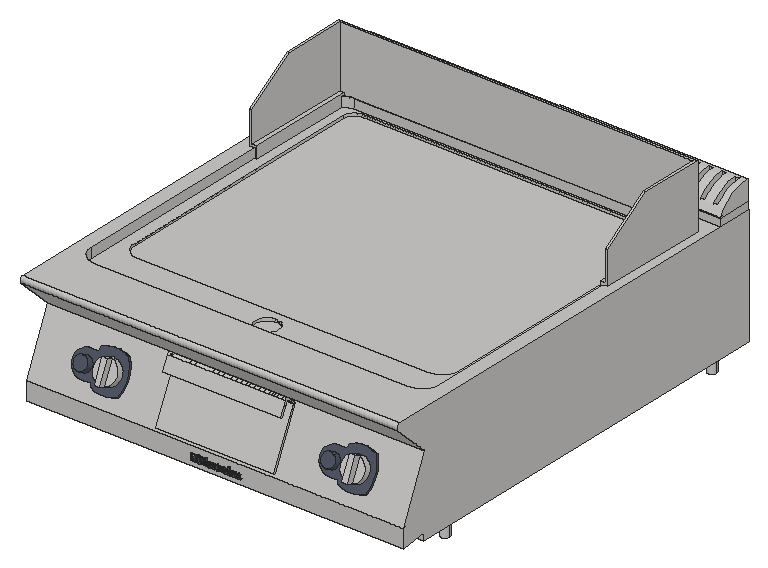
Revit family "QF_ELECTROLUXPROFESSIONAL_391591_E9IIMTAOMEI", category Attrezzature speciali, Revit 2018 (continued)
Automatic sketch dimensions
  plane 1 "BACK" to Extrusion 35 sketch curve = 6.761 mm
  Extrusion 35 sketch curve to plane 4 "RIGHT" = 106.689 mm
  Extrusion 35 sketch curve to Extrusion 35 sketch curve = 9.296 mm
  Extrusion 35 sketch curve to plane 11 = 19.089 mm
  plane 1 "BACK" to Extrusion 36 sketch curve = 6.761 mm
  Extrusion 36 sketch curve to plane 4 "RIGHT" = 134.677 mm
  Extrusion 36 sketch curve to Extrusion 36 sketch curve = 9.296 mm
  Extrusion 36 sketch curve to plane 11 = 19.089 mm
  plane 1 "BACK" to Extrusion 37 sketch curve = 6.761 mm
  Extrusion 37 sketch curve to plane 4 "RIGHT" = 162.665 mm
  Extrusion 37 sketch curve to Extrusion 37 sketch curve = 9.296 mm
  Extrusion 37 sketch curve to plane 11 = 19.089 mm
  plane 1 "BACK" to Extrusion 38 sketch curve = 6.761 mm
  Extrusion 38 sketch curve to plane 4 "RIGHT" = 190.654 mm
  Extrusion 38 sketch curve to Extrusion 38 sketch curve = 9.296 mm
  Extrusion 38 sketch curve to plane 11 = 19.089 mm
  plane 1 "BACK" to Extrusion 39 sketch curve = 6.761 mm
  plane 7 "Center Y" to Extrusion 39 sketch curve = 69.43 mm
  Extrusion 39 sketch curve to Extrusion 39 sketch curve = 9.296 mm
  Extrusion 39 sketch curve to plane 11 = 19.089 mm
  plane 1 "BACK" to Extrusion 40 sketch curve = 6.761 mm
  plane 7 "Center Y" to Extrusion 40 sketch curve = 41.441 mm
  Extrusion 40 sketch curve to Extrusion 40 sketch curve = 9.296 mm
  Extrusion 40 sketch curve to plane 11 = 19.089 mm
  plane 1 "BACK" to Extrusion 41 sketch curve = 6.761 mm
  plane 7 "Center Y" to Extrusion 41 sketch curve = 149.263 mm
  Extrusion 41 sketch curve to Extrusion 41 sketch curve = 9.296 mm
  Extrusion 41 sketch curve to plane 11 = 19.089 mm
  plane 1 "BACK" to Extrusion 42 sketch curve = 6.761 mm
  plane 7 "Center Y" to Extrusion 42 sketch curve = 121.275 mm
  Extrusion 42 sketch curve to Extrusion 42 sketch curve = 9.296 mm
  Extrusion 42 sketch curve to plane 11 = 19.089 mm
  plane 1 "BACK" to Extrusion 43 sketch curve = 6.761 mm
  plane 7 "Center Y" to Extrusion 43 sketch curve = 93.311 mm
  Extrusion 43 sketch curve to Extrusion 43 sketch curve = 9.296 mm
  Extrusion 43 sketch curve to plane 11 = 19.089 mm
  plane 1 "BACK" to Extrusion 44 sketch curve = 6.761 mm
  plane 7 "Center Y" to Extrusion 44 sketch curve = 177.251 mm
  Extrusion 44 sketch curve to Extrusion 44 sketch curve = 9.296 mm
  Extrusion 44 sketch curve to plane 11 = 19.089 mm
  Split face 1 sketch curve to Split face 1 sketch curve = 11.575 mm
  Split face 1 sketch curve to Split face 1 sketch curve = 2 mm
  Extrusion 6 sketch curve to Extrusion 6 sketch curve = 0 mm  (x2)
  Extrusion 6 sketch curve to plane 5 "FRONT" = 16.526 mm
  Extrusion 6 sketch curve to Extrusion 6 sketch curve = 2.36 mm
  Extrusion 6 sketch curve to plane 5 "FRONT" = 33.929 mm
  Extrusion 6 sketch curve to Extrusion 6 sketch curve = 2.884 mm  (x2)
  Extrusion 6 sketch curve to Extrusion 6 sketch curve = 12.662 mm
  Extrusion 6 sketch curve to Extrusion 6 sketch curve = 1.711 mm
  Extrusion 6 sketch curve to Extrusion 6 sketch curve = 1.332 mm
  Extrusion 6 sketch curve to Extrusion 6 sketch curve = 2.245 mm
  Extrusion 6 sketch curve to Extrusion 6 sketch curve = 14.843 mm
  Extrusion 6 sketch curve to Extrusion 6 sketch curve = 3.49 mm
  plane 9 "BASE" to Extrusion 6 sketch curve = 52.346 mm
  Extrusion 6 sketch curve to Extrusion 6 sketch curve = 1.086 mm
  Extrusion 6 sketch curve to Extrusion 6 sketch curve = 13.211 mm
  Extrusion 6 sketch curve to Extrusion 6 sketch curve = 1.327 mm
  Extrusion 6 sketch curve to Extrusion 6 sketch curve = 0.787 mm
  Extrusion 5 sketch curve to Extrusion 2 = 5.523 mm
  Extrusion 5 sketch curve to Extrusion 2 = 10.564 mm
  Extrusion 5 sketch curve to Extrusion 2 = 10.583 mm
  Extrusion 5 sketch curve to Extrusion 5 sketch curve = 0 mm  (x28)
  Extrusion 5 sketch curve to Extrusion 5 sketch curve = 5.108 mm  (x2)
  Extrusion 5 sketch curve to Extrusion 2 = 10.685 mm
  Extrusion 5 sketch curve to Extrusion 5 sketch curve = 0.218 mm
  Extrusion 5 sketch curve to Extrusion 5 sketch curve = 0.195 mm
  Extrusion 5 sketch curve to Extrusion 5 sketch curve = 0.249 mm
  Extrusion 5 sketch curve to Extrusion 2 = 10.88 mm
  Extrusion 5 sketch curve to Extrusion 5 sketch curve = 0.087 mm
  Extrusion 5 sketch curve to Extrusion 5 sketch curve = 0.358 mm
  Extrusion 5 sketch curve to Extrusion 5 sketch curve = 0.481 mm
  Extrusion 5 sketch curve to Extrusion 5 sketch curve = 0.597 mm
  Extrusion 5 sketch curve to Extrusion 5 sketch curve = 0.544 mm
  Extrusion 5 sketch curve to Extrusion 5 sketch curve = 0.936 mm
  Extrusion 5 sketch curve to Extrusion 5 sketch curve = 0.594 mm
  Extrusion 5 sketch curve to Extrusion 5 sketch curve = 0.343 mm
  Extrusion 5 sketch curve to Extrusion 5 sketch curve = 0.159 mm
  Extrusion 5 sketch curve to Extrusion 5 sketch curve = 0.826 mm
  Extrusion 5 sketch curve to Extrusion 5 sketch curve = 0.839 mm
  Extrusion 5 sketch curve to Extrusion 5 sketch curve = 0.852 mm
  Extrusion 5 sketch curve to Extrusion 5 sketch curve = 0.887 mm
  Extrusion 5 sketch curve to Extrusion 5 sketch curve = 0.928 mm
  Extrusion 5 sketch curve to Extrusion 5 sketch curve = 0.938 mm
  Extrusion 5 sketch curve to Extrusion 5 sketch curve = 0.444 mm
  Extrusion 5 sketch curve to Extrusion 5 sketch curve = 1.11 mm  (x3)
  Extrusion 5 sketch curve to Extrusion 5 sketch curve = 0.215 mm
  Extrusion 5 sketch curve to Extrusion 5 sketch curve = 1.43 mm
  Extrusion 5 sketch curve to Extrusion 5 sketch curve = 1.188 mm
  Extrusion 5 sketch curve to Extrusion 5 sketch curve = 1.21 mm  (x2)
  Extrusion 5 sketch curve to Extrusion 5 sketch curve = 0.503 mm
  Extrusion 5 sketch curve to Extrusion 5 sketch curve = 0.488 mm
  Extrusion 5 sketch curve to Extrusion 5 sketch curve = 0.462 mm
  Extrusion 5 sketch curve to Extrusion 5 sketch curve = 1.386 mm
  Extrusion 5 sketch curve to Extrusion 5 sketch curve = 1.742 mm  (x2)
  Extrusion 5 sketch curve to Extrusion 5 sketch curve = 0.821 mm
  Extrusion 5 sketch curve to Extrusion 5 sketch curve = 0.497 mm
  Extrusion 5 sketch curve to Extrusion 5 sketch curve = 0.539 mm
  Extrusion 5 sketch curve to Extrusion 5 sketch curve = 0.686 mm
  Extrusion 5 sketch curve to Extrusion 5 sketch curve = 0.408 mm
  Extrusion 5 sketch curve to Extrusion 5 sketch curve = 0.743 mm
  Extrusion 5 sketch curve to Extrusion 5 sketch curve = 1.16 mm
  Extrusion 5 sketch curve to Extrusion 5 sketch curve = 0.329 mm
  Extrusion 5 sketch curve to Extrusion 5 sketch curve = 1.054 mm
  Extrusion 5 sketch curve to Extrusion 5 sketch curve = 1.056 mm
  Extrusion 5 sketch curve to Extrusion 5 sketch curve = 0.129 mm
  Extrusion 5 sketch curve to Extrusion 5 sketch curve = 0.489 mm
  Extrusion 5 sketch curve to Extrusion 5 sketch curve = 0.441 mm
  Extrusion 5 sketch curve to Extrusion 5 sketch curve = 1.151 mm
  Extrusion 5 sketch curve to Extrusion 5 sketch curve = 1.141 mm  (x2)
  Extrusion 5 sketch curve to Extrusion 5 sketch curve = 0.768 mm
  Extrusion 5 sketch curve to Extrusion 5 sketch curve = 1.653 mm
  Extrusion 5 sketch curve to Extrusion 5 sketch curve = 0.499 mm
  Extrusion 5 sketch curve to Extrusion 5 sketch curve = 0.964 mm
  Extrusion 5 sketch curve to Extrusion 5 sketch curve = 0.949 mm
  Extrusion 5 sketch curve to Extrusion 5 sketch curve = 1.345 mm  (x3)
  Extrusion 5 sketch curve to Extrusion 5 sketch curve = 1.101 mm
  Extrusion 5 sketch curve to Extrusion 5 sketch curve = 0.432 mm
  Extrusion 5 sketch curve to Extrusion 5 sketch curve = 1.142 mm
  Extrusion 5 sketch curve to Extrusion 5 sketch curve = 0.959 mm
  Extrusion 5 sketch curve to Extrusion 5 sketch curve = 0.176 mm
  Extrusion 5 sketch curve to Extrusion 5 sketch curve = 0.728 mm
  Extrusion 5 sketch curve to Extrusion 5 sketch curve = 3.375 mm  (x2)
  Extrusion 5 sketch curve to Extrusion 5 sketch curve = 1.905 mm
  Extrusion 5 sketch curve to Extrusion 5 sketch curve = 0.955 mm
  Extrusion 5 sketch curve to Extrusion 5 sketch curve = 1.251 mm
  Extrusion 5 sketch curve to Extrusion 5 sketch curve = 0.572 mm
  Extrusion 5 sketch curve to Extrusion 5 sketch curve = 1.92 mm
  Extrusion 5 sketch curve to Extrusion 5 sketch curve = 1.224 mm
  Extrusion 5 sketch curve to Extrusion 5 sketch curve = 0.745 mm
  Extrusion 5 sketch curve to Extrusion 5 sketch curve = 2.537 mm
  Extrusion 5 sketch curve to Extrusion 5 sketch curve = 0.896 mm  (x3)
  Extrusion 5 sketch curve to Extrusion 5 sketch curve = 0.036 mm
  Extrusion 5 sketch curve to Extrusion 5 sketch curve = 2.607 mm
  Extrusion 5 sketch curve to Extrusion 5 sketch curve = 0.066 mm
  Extrusion 5 sketch curve to Extrusion 5 sketch curve = 0.248 mm
  Extrusion 5 sketch curve to Extrusion 5 sketch curve = 0.449 mm
  Extrusion 5 sketch curve to Extrusion 5 sketch curve = 1.052 mm
  Extrusion 5 sketch curve to Extrusion 5 sketch curve = 1.863 mm
  Extrusion 5 sketch curve to Extrusion 5 sketch curve = 1.31 mm  (x2)
  Extrusion 5 sketch curve to Extrusion 5 sketch curve = 0.901 mm
  Extrusion 5 sketch curve to Extrusion 5 sketch curve = 1.107 mm
  Extrusion 5 sketch curve to Extrusion 5 sketch curve = 2.122 mm
  Extrusion 5 sketch curve to Extrusion 5 sketch curve = 2.101 mm
  Extrusion 5 sketch curve to Extrusion 5 sketch curve = 0.106 mm
  Extrusion 5 sketch curve to Extrusion 5 sketch curve = 0.029 mm
  Extrusion 5 sketch curve to Extrusion 5 sketch curve = 2.09 mm
  Extrusion 5 sketch curve to Extrusion 5 sketch curve = 1.279 mm
  Extrusion 5 sketch curve to Extrusion 5 sketch curve = 2.008 mm
  Extrusion 5 sketch curve to Extrusion 5 sketch curve = 0.738 mm
  Extrusion 5 sketch curve to Extrusion 5 sketch curve = 0.382 mm
  Extrusion 5 sketch curve to Extrusion 5 sketch curve = 0.384 mm
  Extrusion 5 sketch curve to Extrusion 5 sketch curve = 0.002 mm
  Extrusion 5 sketch curve to Extrusion 5 sketch curve = 0.561 mm
  Extrusion 5 sketch curve to Extrusion 5 sketch curve = 0.592 mm
  Extrusion 5 sketch curve to Extrusion 5 sketch curve = 2.692 mm
  Extrusion 5 sketch curve to Extrusion 5 sketch curve = 1.259 mm
  Extrusion 5 sketch curve to Extrusion 5 sketch curve = 0.802 mm
  Extrusion 5 sketch curve to Extrusion 5 sketch curve = 1.024 mm  (x2)
  Extrusion 5 sketch curve to Extrusion 5 sketch curve = 0.682 mm
  Extrusion 5 sketch curve to Extrusion 5 sketch curve = 5.934 mm
  Extrusion 5 sketch curve to Extrusion 5 sketch curve = 2.186 mm
  Extrusion 5 sketch curve to Extrusion 5 sketch curve = 0.337 mm
  Extrusion 5 sketch curve to Extrusion 5 sketch curve = 0.021 mm
  Extrusion 5 sketch curve to Extrusion 5 sketch curve = 1.005 mm
  Extrusion 5 sketch curve to Extrusion 5 sketch curve = 0.552 mm
  Extrusion 5 sketch curve to Extrusion 5 sketch curve = 0.778 mm
  Extrusion 5 sketch curve to Extrusion 5 sketch curve = 0.063 mm
  Extrusion 5 sketch curve to Extrusion 5 sketch curve = 1.023 mm
  Extrusion 5 sketch curve to Extrusion 5 sketch curve = 3.804 mm
  Extrusion 5 sketch curve to Extrusion 5 sketch curve = 0.486 mm
  Extrusion 5 sketch curve to Extrusion 5 sketch curve = 0.266 mm
  Extrusion 5 sketch curve to Extrusion 5 sketch curve = 1.547 mm
  Extrusion 5 sketch curve to Extrusion 5 sketch curve = 0.717 mm  (x2)
  Extrusion 5 sketch curve to Extrusion 5 sketch curve = 1.667 mm
  Extrusion 5 sketch curve to Extrusion 5 sketch curve = 3.174 mm
  Extrusion 5 sketch curve to Extrusion 5 sketch curve = 0.388 mm
  Extrusion 5 sketch curve to Extrusion 5 sketch curve = 1.342 mm
  Extrusion 5 sketch curve to Extrusion 5 sketch curve = 1.521 mm
  Extrusion 5 sketch curve to Extrusion 5 sketch curve = 0.124 mm
  Extrusion 5 sketch curve to Extrusion 5 sketch curve = 0.291 mm
  Extrusion 5 sketch curve to Extrusion 5 sketch curve = 1.049 mm  (x2)
  Extrusion 5 sketch curve to Extrusion 5 sketch curve = 1.7 mm
  Extrusion 5 sketch curve to Extrusion 5 sketch curve = 0.894 mm
  Extrusion 5 sketch curve to Extrusion 5 sketch curve = 0.989 mm
  Extrusion 5 sketch curve to Extrusion 5 sketch curve = 1.168 mm
  Extrusion 5 sketch curve to Extrusion 5 sketch curve = 1.594 mm
  Extrusion 5 sketch curve to Extrusion 5 sketch curve = 0.731 mm
  Extrusion 5 sketch curve to Extrusion 5 sketch curve = 1.566 mm
  Extrusion 5 sketch curve to Extrusion 5 sketch curve = 0.064 mm
  Extrusion 5 sketch curve to Extrusion 5 sketch curve = 0.556 mm  (x2)
  Extrusion 5 sketch curve to Extrusion 5 sketch curve = 0.48 mm
  Extrusion 5 sketch curve to Extrusion 5 sketch curve = 1.018 mm
  Extrusion 5 sketch curve to Extrusion 5 sketch curve = 0.787 mm
  Extrusion 5 sketch curve to Extrusion 5 sketch curve = 0.618 mm
  Extrusion 5 sketch curve to Extrusion 5 sketch curve = 1.672 mm
  Extrusion 5 sketch curve to Extrusion 5 sketch curve = 1.361 mm
  Extrusion 5 sketch curve to Extrusion 5 sketch curve = 0.822 mm
  Extrusion 5 sketch curve to Extrusion 5 sketch curve = 0.069 mm
  Extrusion 5 sketch curve to Extrusion 5 sketch curve = 1.88 mm
  Extrusion 5 sketch curve to Extrusion 5 sketch curve = 0.42 mm
  Extrusion 5 sketch curve to Extrusion 5 sketch curve = 0.062 mm
  Extrusion 5 sketch curve to Extrusion 5 sketch curve = 1.355 mm
  Extrusion 5 sketch curve to Extrusion 5 sketch curve = 2.34 mm
  Extrusion 5 sketch curve to Extrusion 5 sketch curve = 0.493 mm
  Extrusion 5 sketch curve to Extrusion 5 sketch curve = 0.136 mm
  Extrusion 5 sketch curve to Extrusion 5 sketch curve = 0.128 mm
  Extrusion 5 sketch curve to Extrusion 5 sketch curve = 3.616 mm
  Extrusion 5 sketch curve to Extrusion 5 sketch curve = 4.207 mm
  Extrusion 5 sketch curve to Extrusion 5 sketch curve = 0.183 mm
  Extrusion 5 sketch curve to Extrusion 5 sketch curve = 0.895 mm
  Extrusion 5 sketch curve to Extrusion 5 sketch curve = 1.314 mm
  Extrusion 5 sketch curve to Extrusion 5 sketch curve = 3.231 mm
  Extrusion 5 sketch curve to Extrusion 5 sketch curve = 1.299 mm
  Extrusion 5 sketch curve to Extrusion 5 sketch curve = 1.214 mm
  Extrusion 5 sketch curve to Extrusion 5 sketch curve = 1.264 mm
  Extrusion 5 sketch curve to Extrusion 5 sketch curve = 0.109 mm
  Extrusion 5 sketch curve to Extrusion 5 sketch curve = 0.357 mm
  Extrusion 5 sketch curve to Extrusion 5 sketch curve = 0.565 mm
  Extrusion 5 sketch curve to Extrusion 5 sketch curve = 2.504 mm
  Extrusion 5 sketch curve to Extrusion 5 sketch curve = 2.459 mm
  Extrusion 2 to Extrusion 5 sketch curve = 344.257 mm
  Extrusion 5 sketch curve to Extrusion 5 sketch curve = 0.208 mm
  Extrusion 5 sketch curve to Extrusion 5 sketch curve = 0.468 mm  (x2)
  Extrusion 5 sketch curve to Extrusion 5 sketch curve = 1.559 mm
  Extrusion 5 sketch curve to Extrusion 5 sketch curve = 0.422 mm  (x2)
  Extrusion 5 sketch curve to Extrusion 5 sketch curve = 0.494 mm
  Extrusion 5 sketch curve to Extrusion 5 sketch curve = 3.927 mm
  Extrusion 5 sketch curve to Extrusion 5 sketch curve = 0.782 mm
  Extrusion 5 sketch curve to Extrusion 5 sketch curve = 1.268 mm
  Extrusion 5 sketch curve to Extrusion 5 sketch curve = 0.671 mm
  Extrusion 5 sketch curve to Extrusion 5 sketch curve = 0.777 mm
  Extrusion 5 sketch curve to Extrusion 5 sketch curve = 0.704 mm
  Extrusion 5 sketch curve to Extrusion 5 sketch curve = 0.781 mm  (x2)
  Extrusion 5 sketch curve to Extrusion 5 sketch curve = 1.634 mm
  Extrusion 5 sketch curve to Extrusion 5 sketch curve = 0.132 mm
  Extrusion 5 sketch curve to Extrusion 5 sketch curve = 3.136 mm
  Extrusion 5 sketch curve to Extrusion 5 sketch curve = 2.422 mm
  Extrusion 5 sketch curve to Extrusion 5 sketch curve = 0.586 mm
  Extrusion 5 sketch curve to Extrusion 5 sketch curve = 2.046 mm  (x2)
  Extrusion 5 sketch curve to Extrusion 5 sketch curve = 1.241 mm
  Extrusion 5 sketch curve to Extrusion 5 sketch curve = 1.689 mm
  Extrusion 5 sketch curve to Extrusion 5 sketch curve = 2.859 mm
  Extrusion 5 sketch curve to Extrusion 5 sketch curve = 0.627 mm
  Extrusion 5 sketch curve to Extrusion 5 sketch curve = 0.863 mm
  Extrusion 5 sketch curve to Extrusion 5 sketch curve = 0.419 mm
  Extrusion 5 sketch curve to Extrusion 5 sketch curve = 1.514 mm
  Extrusion 5 sketch curve to Extrusion 5 sketch curve = 1.019 mm
  Extrusion 5 sketch curve to Extrusion 5 sketch curve = 0.065 mm
  Extrusion 5 sketch curve to Extrusion 5 sketch curve = 1.215 mm
  Extrusion 5 sketch curve to Extrusion 5 sketch curve = 2.708 mm
  Extrusion 5 sketch curve to Extrusion 5 sketch curve = 1.122 mm
  Extrusion 5 sketch curve to Extrusion 5 sketch curve = 1.153 mm
  Extrusion 5 sketch curve to Extrusion 5 sketch curve = 3.009 mm
  Extrusion 5 sketch curve to Extrusion 5 sketch curve = 0.829 mm  (x2)
  Extrusion 5 sketch curve to Extrusion 5 sketch curve = 0.934 mm
  Extrusion 5 sketch curve to Extrusion 5 sketch curve = 3.376 mm
  Extrusion 5 sketch curve to Extrusion 5 sketch curve = 0.222 mm
  Extrusion 5 sketch curve to Extrusion 5 sketch curve = 1.383 mm
  Extrusion 5 sketch curve to Extrusion 5 sketch curve = 1.556 mm
  Extrusion 5 sketch curve to Extrusion 5 sketch curve = 2.559 mm
  Extrusion 5 sketch curve to Extrusion 5 sketch curve = 2.51 mm
  Extrusion 5 sketch curve to Extrusion 5 sketch curve = 0.131 mm
  Extrusion 5 sketch curve to Extrusion 5 sketch curve = 1.717 mm
  Extrusion 5 sketch curve to Extrusion 5 sketch curve = 1.134 mm
  Extrusion 5 sketch curve to Extrusion 5 sketch curve = 0.366 mm
  Extrusion 5 sketch curve to Extrusion 5 sketch curve = 0.094 mm
  Extrusion 5 sketch curve to Extrusion 5 sketch curve = 1.584 mm
  Extrusion 5 sketch curve to Extrusion 5 sketch curve = 1.501 mm
  Extrusion 5 sketch curve to Extrusion 5 sketch curve = 0.27 mm
  Extrusion 5 sketch curve to Extrusion 5 sketch curve = 1.808 mm
  Extrusion 5 sketch curve to Extrusion 5 sketch curve = 0.643 mm
  Extrusion 5 sketch curve to Extrusion 5 sketch curve = 0.916 mm
  Extrusion 5 sketch curve to Extrusion 5 sketch curve = 0.352 mm
  Extrusion 5 sketch curve to Extrusion 5 sketch curve = 0.458 mm
  Extrusion 5 sketch curve to Extrusion 5 sketch curve = 1.282 mm
  Extrusion 5 sketch curve to Extrusion 5 sketch curve = 1.363 mm
  Extrusion 5 sketch curve to Extrusion 5 sketch curve = 0.685 mm
  Extrusion 5 sketch curve to Extrusion 5 sketch curve = 0.905 mm
  Extrusion 5 sketch curve to Extrusion 5 sketch curve = 2.865 mm
  Extrusion 5 sketch curve to Extrusion 5 sketch curve = 0.472 mm
  Extrusion 5 sketch curve to Extrusion 5 sketch curve = 0.101 mm
  Extrusion 5 sketch curve to Extrusion 5 sketch curve = 0.54 mm
  Extrusion 5 sketch curve to Extrusion 5 sketch curve = 0.02 mm
  Extrusion 5 sketch curve to Extrusion 5 sketch curve = 0.582 mm
  Extrusion 5 sketch curve to Extrusion 5 sketch curve = 0.166 mm
  Extrusion 5 sketch curve to Extrusion 5 sketch curve = 0.16 mm
  Extrusion 5 sketch curve to Extrusion 5 sketch curve = 2.781 mm
  Extrusion 5 sketch curve to Extrusion 5 sketch curve = 1.118 mm
  Extrusion 5 sketch curve to Extrusion 5 sketch curve = 0.613 mm
  Extrusion 5 sketch curve to Extrusion 5 sketch curve = 0.361 mm
  Extrusion 5 sketch curve to Extrusion 5 sketch curve = 0.897 mm
  Extrusion 5 sketch curve to Extrusion 5 sketch curve = 0.167 mm
  Extrusion 5 sketch curve to Extrusion 5 sketch curve = 0.292 mm
  Extrusion 5 sketch curve to Extrusion 5 sketch curve = 0.305 mm
  Extrusion 5 sketch curve to Extrusion 5 sketch curve = 1.557 mm
  Extrusion 5 sketch curve to Extrusion 5 sketch curve = 2.499 mm
  Extrusion 5 sketch curve to Extrusion 5 sketch curve = 3.062 mm
  Extrusion 5 sketch curve to Extrusion 5 sketch curve = 2.968 mm
  Extrusion 5 sketch curve to Extrusion 5 sketch curve = 5.044 mm
  Extrusion 5 sketch curve to Extrusion 5 sketch curve = 0.629 mm  (x2)
  Extrusion 5 sketch curve to Extrusion 5 sketch curve = 1.131 mm
  Extrusion 5 sketch curve to Extrusion 5 sketch curve = 0.137 mm
  Extrusion 5 sketch curve to Extrusion 5 sketch curve = 0.027 mm
  Extrusion 5 sketch curve to Extrusion 5 sketch curve = 2.235 mm
  Extrusion 6 sketch curve to Extrusion 6 sketch curve = 1 mm
  Extrusion 26 sketch curve to plane 6 "TOP" = 0 mm
  Extrusion 26 sketch curve to plane 16 = 0 mm
  Extrusion 26 sketch curve to plane 16 = 100.091 mm
  Extrusion 27 sketch curve to plane 6 "TOP" = 0 mm
  Extrusion 27 sketch curve to plane 16 = 0 mm
  Extrusion 27 sketch curve to plane 6 "TOP" = 65 mm
  Extrusion 27 sketch curve to plane 16 = 100.091 mm
  Extrusion 28 sketch curve to plane 6 "TOP" = 0 mm
  Extrusion 28 sketch curve to plane 14 = 0 mm
  Extrusion 28 sketch curve to plane 4 "RIGHT" = 20 mm
  plane 3 "LEFT" to Extrusion 28 sketch curve = 20 mm
  Extrusion 49 sketch curve to Extrusion 2 = 0 mm  (x2)
  Extrusion 2 to Extrusion 49 sketch curve = 5 mm  (x2)
  Extrusion 2 to Extrusion 49 sketch curve = 20 mm  (x2)
  Extrusion 49 sketch curve to Extrusion 49 sketch curve = 130 mm  (x2)
  Extrusion 49 sketch curve to Extrusion 2 = 19.6 mm  (x2)
  Extrusion 49 sketch curve to Extrusion 49 sketch curve = 5 mm  (x5)
  Extrusion 49 sketch curve to Extrusion 49 sketch curve = 15 mm
  Extrusion 45 sketch curve to Extrusion 45 sketch curve = 0 mm  (x10)
  Extrusion 45 sketch curve to plane 4 "RIGHT" = 157.362 mm
  plane 3 "LEFT" to Extrusion 45 sketch curve = 117.638 mm
  Extrusion 45 sketch curve to Extrusion 45 sketch curve = 55.325 mm  (x3)
  Extrusion 45 sketch curve to Extrusion 45 sketch curve = 6.176 mm  (x2)
  Extrusion 45 sketch curve to Extrusion 45 sketch curve = 0.9 mm  (x2)
  Extrusion 45 sketch curve to Extrusion 45 sketch curve = 12.3 mm  (x4)
  Extrusion 45 sketch curve to Extrusion 45 sketch curve = 26.552 mm  (x2)
  Extrusion 45 sketch curve to Extrusion 45 sketch curve = 34.925 mm  (x2)
  Extrusion 45 sketch curve to Extrusion 45 sketch curve = 1.296 mm  (x2)
  Extrusion 45 sketch curve to Extrusion 45 sketch curve = 23.703 mm  (x2)
  Extrusion 45 sketch curve to Extrusion 45 sketch curve = 27.065 mm  (x2)
  Extrusion 45 sketch curve to Extrusion 45 sketch curve = 0.893 mm  (x2)
  Extrusion 45 sketch curve to Extrusion 45 sketch curve = 8.853 mm  (x2)
  Extrusion 45 sketch curve to Extrusion 45 sketch curve = 9.34 mm  (x2)
  Extrusion 45 sketch curve to Extrusion 45 sketch curve = 5.546 mm
  Extrusion 45 sketch curve to Extrusion 45 sketch curve = 1.434 mm
  Extrusion 45 sketch curve to Extrusion 45 sketch curve = 2.327 mm
  Extrusion 45 sketch curve to Extrusion 45 sketch curve = 29.032 mm
  Extrusion 45 sketch curve to Extrusion 45 sketch curve = 93.311 mm
  Extrusion 45 sketch curve to Extrusion 45 sketch curve = 25.114 mm
  Extrusion 45 sketch curve to Extrusion 45 sketch curve = 25.727 mm
  Extrusion 45 sketch curve to Extrusion 45 sketch curve = 28.496 mm
  Extrusion 48 sketch curve to Extrusion 48 sketch curve = 0 mm
  Extrusion 48 sketch curve to Extrusion 48 sketch curve = 525 mm
  Extrusion 46 sketch curve to Extrusion 46 sketch curve = 0 mm
  Extrusion 46 sketch curve to Extrusion 46 sketch curve = 525 mm
  Extrusion 47 sketch curve to Extrusion 47 sketch curve = 24.732 mm  (x2)
  Extrusion 47 sketch curve to Extrusion 47 sketch curve = 0 mm  (x2)
  Split face 2 sketch curve to Split face 2 sketch curve = 11.575 mm
  Split face 2 sketch curve to Split face 2 sketch curve = 2 mm
  plane 10 to Extrusion 4 sketch curve = 0 mm  (x2)
  plane 11 to Extrusion 4 sketch curve = 0 mm
  plane 3 "LEFT" to Extrusion 4 sketch curve = 11.112 mm  (x2)
  Extrusion 4 sketch curve to plane 4 "RIGHT" = 11.113 mm  (x2)
  Extrusion 29 sketch curve to Extrusion 29 sketch curve = 15 mm
  Extrusion 25 sketch curve to Extrusion 3 = 5.362 mm
  Extrusion 25 sketch curve to Extrusion 3 = 30.762 mm  (x2)
  Extrusion 25 sketch curve to Extrusion 3 = 25 mm  (x2)
  Extrusion 25 sketch curve to Extrusion 3 = 122.523 mm  (x2)
  Extrusion 25 sketch curve to Extrusion 25 sketch curve = 37.523 mm
  Extrusion 25 sketch curve to Extrusion 3 = 43.885 mm
  Extrusion 25 sketch curve to Extrusion 25 sketch curve = 307.477 mm
  curve 149 to curve 150 = 0 mm  (x2)
  curve 150 to plane 7 "Center Y" = 0 mm
  curve 149 to plane 10 = 40 mm
  curve 150 to plane 10 = 15 mm
  radius of Extrusion 8 sketch curve = 6.4 mm
  radius of Extrusion 48 sketch curve = 15 mm  (x2)
  radius of Extrusion 46 sketch curve = 25.4 mm  (x2)
  radius of Extrusion 47 sketch curve to Extrusion 46 = 0 mm  (x4)
  radius of Extrusion 4 sketch curve = 9.525 mm  (x4)
  radius of Extrusion 25 sketch curve = 25 mm
Connectors
  piping at (748, -664, 6), diameter 12.8
    settings: on Extrusion 8, index 2, connector inside diameter 0.50394", connector length 0 mm, flow factor 0, pipe flow 0 GPM, pressure drop 0.00 psi, fitting loss kfactor 0, connector angle 0.00°, fixture units 0, engagement length 0 mm, angle of deflection 0.00°, flow configuration 1, flow direction 1, fitting loss method 0, system type 7, joint type 0, gender type 0, connector reference index -1, connector utility 0, adjustable connector no, is connector primary yes, connector description "GAS CONNECTION"
Types (2, lengths in mm): name | URL | Modello | Produttore | Gas Size | Descrizione
  (no name) | "www.electrolux.com/foodservice" | "391051" | "ELECTROLUX" | 0" | "900XP FULL MODULE GAS FRY TOP, 2/3 SMOOTH - 1/3 RIBBED SLOPED PLATE,MILD STEEL"
  Standard | "https://www.electroluxprofessional.com/" | "E9IIMTAOMEI" | "Electrolux Professional" | 1/2" | "GAS FRY TOP SMOOTH+RIBBED SLOPED PLATE.800MM-BRUSHED CHROME - QMARK"
